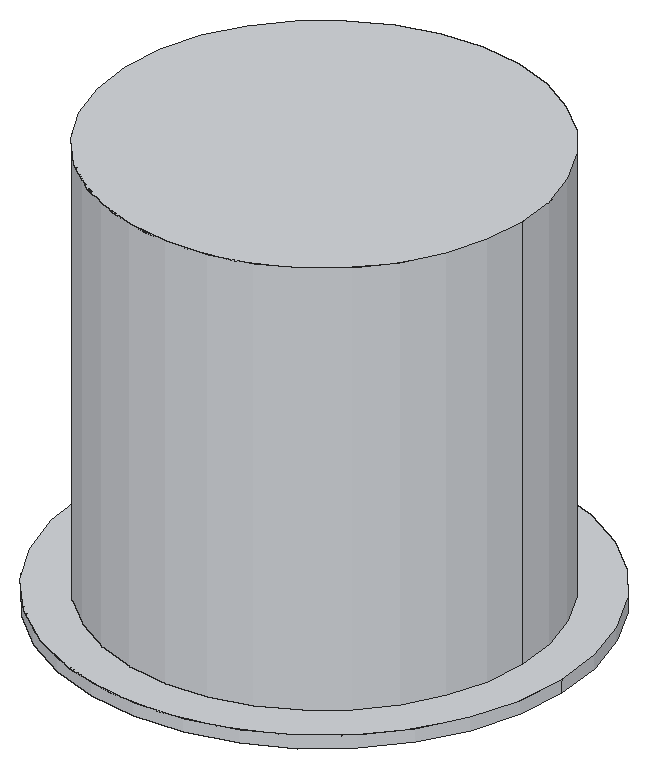
Revit family "ARTIS 3 RD", category Lighting Fixtures, host Ceiling, Revit 2017
Family settings
  Host = Ceiling
  Round Connector Dimension = Use Diameter
  Part Type = Normal
  OmniClass Number = 23.80.70.11
  OmniClass Title = Luminaries for Internal Lighting
  Always vertical = Yes
  Cut with Voids When Loaded = No
  Light Source = Yes
  Shared = No
  Room Calculation Point = No
Parameters (values of type "Type 1")
  Wattage = 9.2903 W
  built-in parameter 1150110 = 1 (stored number, unit not read)
  built-in parameter 1114217 = 1 (stored number, unit not read)
  Tilt Angle = 90.00°
  built-in parameter 1150109 = 1 (stored number, unit not read)
  built-in parameter 1150134 = (empty or 0)
  built-in parameter 1150113 = 1 (stored number, unit not read)
  Photometric Web File = "ELR50P 35D.IES"
  Lumens = 1380 lm
  built-in parameter 1150115 = 1 (stored number, unit not read)
  built-in parameter 1150105 = 109.82 (stored number, unit not read)
  built-in parameter 1150137 = (empty or 0)
  built-in parameter 1150139 = (empty or 0)
  built-in parameter 1150112 = 1 (stored number, unit not read)
  built-in parameter 1150114 = 1 (stored number, unit not read)
  built-in parameter 1150132 = 2
  built-in parameter 1150102 = (empty or 0)
  built-in parameter 1150138 = (empty or 0)
  built-in parameter 1150107 = 3000 (stored number, unit not read)
  built-in parameter 1150106 = 1.0982 (stored number, unit not read)
  built-in parameter 1150104 = 13.8 (stored number, unit not read)
  Dimming Lamp Color Temperature Shift = <None>
  Color Filter = 16777215
  built-in parameter 1114218 = 1 (stored number, unit not read)
  built-in parameter 1150133 = 10 (stored number, unit not read)
Reference planes
  plane 1 "Light Source Axis (F/B)": y = 0
  plane 2: z = 0
  plane 3 "Light Source Axis (L/R)": x = 0
  plane 4 "Ceiling": z = 4000
  plane 5 "Light Source Elevation": z = 4000
Forms (mm)
  Extrusion 1, solid
    sketch origin (0, 0, 4000) x (0, 1, 0) y (-1, 0, 0)
      loop
        circle (0, 0) r 60
      loop
        circle (0, 0) r 40
    from 0 to -3
  Extrusion 2, solid
    sketch origin (0, 0, 4000) x (0, 1, 0) y (-1, 0, 0)
      loop
        circle (0, 0) r 50
    from 0 to 100
  Extrusion 3, solid, material "Glass, Frosted"
    sketch origin (0, 0, 4000) x (0, 1, 0) y (-1, 0, 0)
      loop
        circle (0, 0) r 40
    from 0 to -3
Lines and regions (mm)
  Opening 1
    outline origin (0, 0, 4000) x (1, 0, 0) y (0, 1, 0)
      loop
        circle (0, 0) r 60
Dimensions and locks
  equal spacing: host sketch curve, plane 3 "Light Source Axis (L/R)", host sketch curve
  equal spacing: host sketch curve, plane 1 "Light Source Axis (F/B)", host sketch curve
  host sketch curve to host sketch curve = 4000.00 mm  (x2)
  plane 4 "Ceiling" to host ceiling = 0.00 mm
  imposter light to Extrusion 2 = 100.00 mm
  aligned and locked: plane 3 "Light Source Axis (L/R)" to imposter light
  aligned and locked: plane 1 "Light Source Axis (F/B)" to imposter light
  aligned and locked: plane 5 "Light Source Elevation" to imposter light
